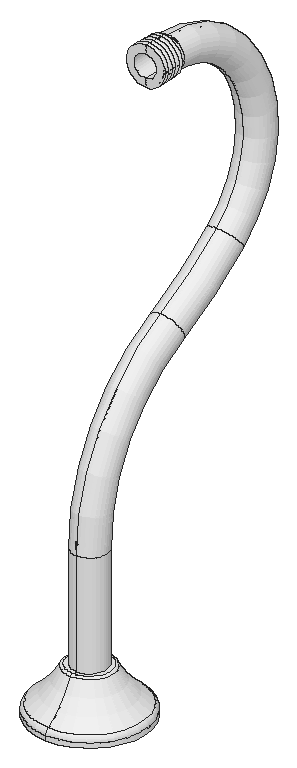
Revit family "xShower_Arm-American_Standard-Shepherds_Crook-1660.198", category Plumbing Fixtures, host Face, Revit 2014
Parameters (values of type "1660.198")
  Width = 2 1/2"  # constant formula
  Water Connection Radius = 1/4"  # constant formula
  Water Connection Diameter = 1/2"  # constant formula
  Waste Connection = no
  Warranty Information = "One Year Limited Warranty"  # constant formula
  WFU = 4
  Vent Connection = no
  URL = "https://www.americanstandard-us.com/"
  Type Comments = ""
  Product Page URL = "https://www.americanstandard-us.com/bathroom/shower-faucets/wall-mount-shepherds-crook-shower-arm-18160"
  Product Documentation Link = "https://www.americanstandard-us.com/-/media/sites/asus/files/product-specs/bulk/specsheet1660198.pdf?la=en"
  Price = "Prices may vary. Please consult Manufacturer Representative for most up-to-date price list."  # constant formula
  Model = "1660.198"
  Material = "Brass-American Standard-002-Polished Chrome"
  Manufacturer = "American Standard"  # constant formula
  Length = 12 5/8"  # constant formula
  Installation Type = "Wall Mounted"  # constant formula
  Height = 4 3/4"  # constant formula
  HWFU = 3
  HW Connection = yes
  Finish = Brass-American Standard-002-Polished Chrome
  Description = "12\" Wall Mount Shepherd's Crook Shower Arm"
  Default Elevation = 78"  # constant formula
  Creation Date = "01/26/2018"  # constant formula
  CWFU = 3
  CW Connection = yes
  Assembly Code = "D2010700"
Reference planes (in)
  plane 1 "Center (Front/Back)": y = 0
  plane 2: z = 0
  plane 3 "Center (Left/Right)": x = 0
  plane 4: z = 12.875
  plane 5: y = 4.75
  plane 6: z = 12.625
  plane 7: y = 0.375
  plane 8: y = -0.375
Forms (in)
  Revolve 1, solid, material "Brass-American Standard-002-Polished Chrome" <- "Finish"
    sketch origin (0, 0, -0.3125) x (0, 1, 0) y (0, 0, 1)
      loop
        line (0, 0.3125) -> (0, 1.35356) -> (-0.47848, 1.35356)
        arc (-0.47848, 1.35356) -> (-0.50973, 1.34472) -> (-0.5317, 1.3208) r 0.05961
        arc (-0.5317, 1.3208) -> (-0.81205, 0.89815) -> (-1.18374, 0.55308) r 2.14624
        arc (-1.18374, 0.55308) -> (-1.23248, 0.49588) -> (-1.25, 0.4228) r 0.16121
        line (-1.25, 0.4228) -> (-1.25, 0.3125) -> (0, 0.3125)
      axis (0, 1.35356) -> (0, 0.3125)
    angle from 0 to 360
  Sweep 2, solid, material "Brass-American Standard-002-Polished Chrome" <- "Finish"
    path origin (0, 0, 0) x (0, 1, 0) y (0, 0, 1)
      loop
        line (0, 0) -> (0, 3.41887)
        arc (0, 3.41887) -> (0.5985, 5.52358) -> (2.21489, 6.99845) r 4
        arc (2.21489, 6.99845) -> (3.08685, 7.50084) -> (3.89228, 8.10416) r 8.37713
        arc (3.89228, 8.10416) -> (4.64197, 10.94352) -> (2.23434, 12.625) r 2.56443
        line (2.23434, 12.625) -> (2.10757, 12.625)
    profile origin (0, 0, 1.70944) x (0, -1, 0) y (1, 0, 0)
      loop
        circle (0, 0) r 0.375
      loop
        circle (0, 0) r 0.25
  Revolve 3, solid, material "Brass-American Standard-002-Polished Chrome" <- "Finish"
    sketch origin (0, 4.10757, -12.375) x (0, 1, 0) y (0, 0, 1)
      loop
        line (-2.5, 25.25) -> (-2, 25.25) -> (-2, 25.4375)
        arc (-2, 25.4375) -> (-2.05, 25.3875) -> (-2.1, 25.4375) r 0.05
        arc (-2.1, 25.4375) -> (-2.15, 25.3875) -> (-2.2, 25.4375) r 0.05
        arc (-2.2, 25.4375) -> (-2.25, 25.3875) -> (-2.3, 25.4375) r 0.05
        arc (-2.3, 25.4375) -> (-2.35, 25.3875) -> (-2.4, 25.4375) r 0.05
        arc (-2.4, 25.4375) -> (-2.45, 25.3875) -> (-2.5, 25.4375) r 0.05
        line (-2.5, 25.4375) -> (-2.5, 25.25)
      axis (-2.5, 25) -> (-2, 25)
    angle from 0 to 360
Cuts and joins
  joined: Revolve 1, Sweep 2, Revolve 3
Lines and regions (in)
  Masking region 1
    outline origin (0, 0, 0) x (1, 0, 0) y (0, 0, 1)
      loop
        line (1.25, 0) -> (1.25, 0.11358)
        arc (1.25, 0.11358) -> (1.23278, 0.18461) -> (1.18495, 0.23987) r 0.15512
        arc (1.18495, 0.23987) -> (0.81172, 0.58325) -> (0.53437, 1.00785) r 2.04684
        arc (0.53437, 1.00785) -> (0.51253, 1.03208) -> (0.48118, 1.04106) r 0.0592
        line (0.48118, 1.04106) -> (0.43408, 1.04106) -> (0.43408, 12.67957)
        arc (0.43408, 12.67957) -> (0, 13.0625) -> (-0.43408, 12.67957) r 0.4375
        line (-0.43408, 12.67957) -> (-0.43408, 1.04106) -> (-0.48118, 1.04106)
        arc (-0.48118, 1.04106) -> (-0.51253, 1.03208) -> (-0.53437, 1.00785) r 0.0592
        arc (-0.53437, 1.00785) -> (-0.81172, 0.58325) -> (-1.18495, 0.23987) r 2.04684
        arc (-1.18495, 0.23987) -> (-1.23278, 0.18461) -> (-1.25, 0.11358) r 0.15512
        line (-1.25, 0.11358) -> (-1.25, 0) -> (1.25, 0)
  symbolic lines, detail levels medium+fine
    curve 1: line (0.43408, 0, 1.04106) -> (-0.43408, 0, 1.04106)
  symbolic lines, detail levels fine
    curve 2: line (-1.25, 0, 0.11358) -> (1.25, 0, 0.11358)
    curve 3: line (1.18495, 0, 0.23987) -> (-1.18495, 0, 0.23987)
Dimensions and locks (in)
  "Height": plane 5 to plane 1 "Center (Front/Back)"
  "Length": plane 6 to plane 2
  plane 7 to plane 8 = 3/4"
  aligned and locked: plane 2 to host face
  aligned and locked: level to host face
Automatic sketch dimensions
  host sketch curve to host sketch curve = 96"  (x2)
  Revolve 1 sketch curve to level = 0"
  Revolve 1 sketch curve to plane 1 "Center (Front/Back)" = 0"  (x2)
  plane 8 to Revolve 1 sketch curve = 0.10348"
  level to Revolve 1 sketch curve = 0.1103"
  plane 8 to Revolve 1 sketch curve = 0.71379"
  Revolve 1 sketch curve to Revolve 1 sketch curve = 0.16121"
  plane 8 to Revolve 1 sketch curve = 2.0729"
  level to Revolve 1 sketch curve = 0.98145"
  Revolve 1 sketch curve to Revolve 1 sketch curve = 0.05961"
  level to Revolve 1 sketch curve = 1.97501"
  Revolve 1 sketch curve to Revolve 1 sketch curve = 0"
  Revolve 1 sketch curve to Revolve 1 sketch curve = 0.73132"
  Revolve 1 sketch curve to Revolve 1 sketch curve = 1.13483"
  Sweep 2 sketch curve to plane 1 "Center (Front/Back)" = 0"
  plane 6 to Sweep 2 sketch curve = 0"
  Sweep 2 sketch curve to level = 0"
  plane 8 to Sweep 2 sketch curve = 1.14864"
  Sweep 2 sketch curve to plane 7 = 1.85934"
  plane 5 to Sweep 2 sketch curve = 3/4"
  level to Sweep 2 sketch curve = 3.41887"
  plane 6 to Sweep 2 sketch curve = 2.56443"
  Sweep 2 sketch curve to plane 6 = 1.87009"
  Sweep 2 sketch curve to Sweep 2 sketch curve = 0.12676"
  Sweep 2 sketch curve to Sweep 2 sketch curve = 0"  (x3)
  Sweep 2 sketch curve to plane 3 "Center (Left/Right)" = 0"
  Sweep 2 sketch curve to profile plane = 0"
  plane 6 to Revolve 3 sketch curve = 0"
  plane 4 to Revolve 3 sketch curve = 0"
  Revolve 3 sketch curve to plane 7 = 1.23257"
  Revolve 3 sketch curve to Revolve 3 sketch curve = 0.05"  (x3)
  Revolve 3 sketch curve to Revolve 3 sketch curve = 0.1"  (x3)
  Revolve 3 sketch curve to plane 4 = 3/16"
  Revolve 3 sketch curve to Revolve 3 sketch curve = 0"  (x7)
  Revolve 3 sketch curve to plane 7 = 0.48257"
  plane 1 "Center (Front/Back)" to Revolve 3 sketch curve = 0.14243"
  Masking region 1 sketch curve to level = 0"
  Masking region 1 sketch curve to plane 3 "Center (Left/Right)" = 0"
  Masking region 1 sketch curve to plane 6 = 0"
  Masking region 1 sketch curve to plane 6 = 0.05457"
  Masking region 1 sketch curve to plane 3 "Center (Left/Right)" = 0.43408"
  Masking region 1 sketch curve to Masking region 1 sketch curve = 0.04709"  (x2)
  level to Masking region 1 sketch curve = 0.11358"  (x2)
  Masking region 1 sketch curve to Masking region 1 sketch curve = 0.6608"
  Masking region 1 sketch curve to Masking region 1 sketch curve = 0.15512"  (x2)
  plane 3 "Center (Left/Right)" to Masking region 1 sketch curve = 0.43408"
  Masking region 1 sketch curve to Masking region 1 sketch curve = 0.61371"
  Masking region 1 sketch curve to Masking region 1 sketch curve = 1.89231"
  level to Masking region 1 sketch curve = 0.98187"
  Masking region 1 sketch curve to Masking region 1 sketch curve = 0"  (x3)
  Masking region 1 sketch curve to Masking region 1 sketch curve = 0.0592"  (x2)
  level to Masking region 1 sketch curve = 1.90628"  (x2)
  Masking region 1 sketch curve to Masking region 1 sketch curve = 1.12349"
  level to curve 2 = 0.11358"
  curve 2 to plane 3 "Center (Left/Right)" = 1 1/4"
  curve 2 to curve 3 = 0.06505"
  curve 1 to plane 3 "Center (Left/Right)" = 0.43408"
  plane 3 "Center (Left/Right)" to curve 1 = 0.43408"
  level to curve 3 = 0.23987"
  curve 1 to curve 3 = 0.75087"
  curve 3 to curve 2 = 0.06505"
  level to curve 1 = 1.04106"
  radius of Sweep 2 sketch curve = 3/8"
  radius of Sweep 2 sketch curve = 1/4"
Connectors (in)
  piping at (0, 0, 0), diameter 0.5, driven by "Water Connection Diameter"
    settings: on cut or joined group of Revolve 1, Sweep 2, Revolve 3, index 1, connector inside diameter 24", connector length 0", flow factor 0, pipe flow 0 GPM, pressure drop 0.00 psi, fitting loss kfactor 0, connector angle 0.00°, fixture units 0, engagement length 0", angle of deflection 0.00°, flow configuration 0, flow direction 1, fitting loss method 0, system type 29, joint type 0, gender type 0, connector reference index -1, connector utility 0, adjustable connector no, is connector primary yes, connector description "1/2\" NPT Supply Inlet"
